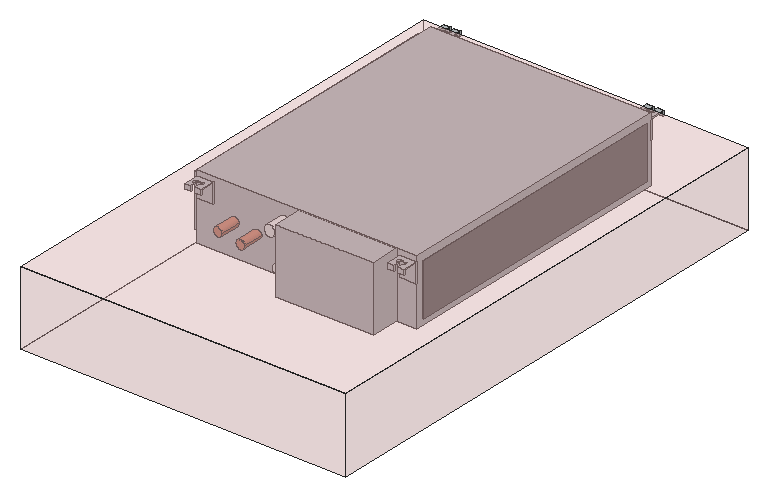
Revit family "PEFY-WP32VMS1-E_Service_Area2", category Mechanical Equipment, host Ceiling, Revit 2012
Parameters (values of type "PEFY-WP32VMS1-E_240V_60Hz")
  Description = "Ceiling concealed"
  Manufacturer = "Mitsubishi Electric Corporation"
  Model = "PEFY-WP32VMS1-E"
  Width = 990 mm
  Water Pipe_radius (To HBC Unit) = 13.2 mm
  Water Pipe_radius (From HBC Unit) = 13.2 mm
  WarrantyStart = ""
  Voltage = 240 V
  Unit Weight (kg) = 25
  URL = "http://www.mitsubishielectric.com/"
  TagNumber = 0
  Subcategory = "HVAC"
  Space View = yes
  Sound Pressure Level_Mid (dB(A)) = 30
  Sound Pressure Level_Low (dB(A)) = 28
  Sound Pressure Level_High (dB(A)) = 33
  SerialNumber = 0
  ReplacementYear = ""
  Protection Device = "Fuse"
  Phase = 1
  Maximum Circuit Ampacity (A) = 0.82
  InstallationDate = ""
  Hertz = 60 Hz
  Height = 200 mm
  Heating Power Input (kW) = 0.051
  Heating Current (A) = 0.5
  Heating Capacity (kW) = 4
  Fan_Type = "Sirocco fan"
  Fan_Quantity = 3
  Fan Motor Output (kW) = 0.096
  External_static_pressure (Pa) = "5-15-35-50"
  External Finish = "Galvanized steel plate"
  Equip_description = ""
  Equip_No. = 0
  Equip_ID = ""
  Drain pipe2_radius = 16 mm
  Drain pipe1_radius = 16 mm
  Description = ""
  Depth = 700 mm
  CreatedOn = ""
  CreatedBy = ""
  Cooling Power Input (kW) = 0.071
  Cooling Current (A) = 0.61
  Cooling Capacity (kW) = 3.6
  Category = ""
  Barcode = ""
  AssetIdentifier = ""
  Airflow Rate_Mid (m3/min) = 9
  Airflow Rate_Mid (m3/h) = 540
  Airflow Rate_Low (m3/min) = 8
  Airflow Rate_Low (m3/h) = 480
  Airflow Rate_High (m3/min) = 11
  Airflow Rate_High (m3/h) = 660
Types (6, lengths in mm): name | Voltage | Maximum Circuit Ampacity (A) | Hertz
  PEFY-WP32VMS1-E_220V_50Hz | 220 V | 0.83 | 50 Hz
  PEFY-WP32VMS1-E_220V_60Hz | 220 V | 0.82 | 60 Hz
  PEFY-WP32VMS1-E_230V_50Hz | 230 V | 0.83 | 50 Hz
  PEFY-WP32VMS1-E_230V_60Hz | 230 V | 0.82 | 60 Hz
  PEFY-WP32VMS1-E_240V_50Hz | 240 V | 0.83 | 50 Hz
  PEFY-WP32VMS1-E_240V_60Hz | 240 V | 0.82 | 60 Hz
Reference planes
  plane 1 "Center (Front/Back)": y = 0
  plane 2: z = 0
  plane 3 "Center (Left/Right)": x = 0
  plane 4 "Ceiling": z = 4030
  plane 5: z = 4050
  plane 6: z = 4250
  plane 7: y = -450
  plane 8: y = 350
  plane 9: y = 450
  plane 10: z = 4235
  plane 11: x = 325
  plane 12: x = 350
  plane 13: x = -300
  plane 14: x = -350
  plane 15: z = 4230
  plane 16: x = -57
  plane 17: z = 4202
  plane 18: z = 4080
  plane 19: x = -211
  plane 20: x = -141
  plane 21: z = 4148
  plane 22: z = 4138
  plane 23: y = 450
  plane 24: y = -450
  plane 25: y = -500
  plane 26: y = -540
Forms (mm)
  Extrusion 1, solid, material "Plated steel"
    sketch origin (88.259, -237.375, 3750) x (1, 0, 0) y (0, 1, 0)
      loop
        line (-415.259, 687.375) -> (-415.259, -212.625) -> (261.741, -212.625) -> (261.741, 687.375) -> (-415.259, 687.375)
    from 300 to 500
  Extrusion 2, solid, material "Service space", visible <- "Space View"
    sketch origin (-2000, 6000, 4050) x (0, 1, 0) y (1, 0, 0)
      loop
        line (-7100, 1650) -> (-5550, 1650) -> (-5550, 2650) -> (-7100, 2650) -> (-7100, 1650)
    from 20 to -210
  Extrusion 3, solid
    sketch origin (0, 100, 0) x (0, 1, 0) y (0, 0, 1)
      loop
        line (-530, 4230) -> (-530, 4071) -> (330, 4071) -> (330, 4230) -> (-530, 4230)
    from 350 to 355
  Extrusion 4, solid
    sketch origin (-350, 100, 4250) x (0, 0, 1) y (0, -1, 0)
      loop
        line (-20, 530) -> (-179, 530) -> (-179, -330) -> (-20, -330) -> (-20, 530)
    from 0 to 23
  Extrusion 5, solid
    sketch origin (794.259, -450, 3750) x (-1, 0, 0) y (0, 0, -1)
      loop
        circle (851.259, -452) r 16
    from 0 to 57
  Extrusion 6, solid
    sketch origin (794.259, -450, 3750) x (-1, 0, 0) y (0, 0, -1)
      loop
        circle (851.259, -330) r 16
    from 0 to 25
  Extrusion 7, solid
    sketch origin (794.259, -450, 3750) x (-1, 0, 0) y (0, 0, -1)
      loop
        line (505.751, -500) -> (805.751, -500) -> (805.751, -300) -> (505.751, -300) -> (505.751, -500)
    from 0 to 90
  Extrusion 8, solid
    sketch origin (794.259, -450, 3750) x (-1, 0, 0) y (0, 0, -1)
      loop
        circle (1005.259, -398) r 13.2
      loop
        circle (935.259, -388) r 13.2
    from 0 to 64
Lines and regions (mm)
  model lines, visible <- "Space View"
    curve 1: line (-400, 500, 4030) -> (377, 500, 4030)
    curve 2: line (-400, -500, 4030) -> (-400, 500, 4030)
    curve 3: line (377, -500, 4030) -> (-400, -500, 4030)
    curve 4: line (377, 500, 4030) -> (377, -500, 4030)
    curve 5: line (125, -650, 4030) -> (575, -650, 4030)
    curve 6: line (125, -1100, 4030) -> (125, -650, 4030)
    curve 7: line (575, -1100, 4030) -> (125, -1100, 4030)
    curve 8: line (575, -650, 4030) -> (575, -1100, 4030)
Dimensions and locks
  equal spacing: host sketch curve, plane 3 "Center (Left/Right)", host sketch curve
  equal spacing: host sketch curve, plane 1 "Center (Front/Back)", host sketch curve
  host sketch curve to host sketch curve = 4000 mm  (x2)
  locked: plane 4 "Ceiling" to host ceiling at 0
  Extrusion 1 to Extrusion 1 = 900 mm
  Extrusion 1 to plane 1 "Center (Front/Back)" = 450 mm
  plane 5 to Extrusion 1 = 200 mm
  plane 6 to plane 5 = 200 mm
  plane 4 "Ceiling" to plane 5 = 20 mm
  Extrusion 1 to Extrusion 1 = 677 mm
  plane 7 to plane 9 = 900 mm
  locked: plane 10 to plane 6 at 15
  locked: plane 15 to plane 6 at 20
  locked: Extrusion 3 to plane 15 at 159
  locked: Extrusion 4 to plane 15 at 159
  plane 6 to plane 17 to plane 18 = 48 mm locked, 122 mm locked
  locked: Extrusion 7 to Extrusion 7 at 200
  plane 6 to plane 21 to plane 22 = 102 mm locked, 10 mm locked
  plane 14 to curve 4 = 727 mm
  aligned and locked: plane 5 to Extrusion 1
  aligned and locked: Extrusion 1 to plane 6
  aligned and locked: plane 7 to Extrusion 1
  aligned and locked: plane 9 to Extrusion 1
  aligned and locked: nested 1 to Extrusion 1
  aligned and locked: nested 1 to plane 13
  aligned and locked: nested 1 to plane 10
  aligned and locked: nested 2 to plane 10
  aligned and locked: plane 10 to nested 4
  aligned and locked: plane 10 to nested 3
  aligned and locked: nested 4 to plane 9
  aligned and locked: nested 3 to plane 9
  aligned and locked: Extrusion 3 to plane 15
  aligned and locked: Extrusion 4 to plane 15
  aligned and locked: plane 7 to nested 2
  aligned and locked: plane 17 to Extrusion 5
  aligned and locked: plane 18 to Extrusion 6
  aligned and locked: Extrusion 7 to plane 6
  aligned and locked: plane 21 to Extrusion 8
  aligned and locked: plane 22 to Extrusion 8
Nested families
  nested 1: "LEG" at (-300, -476, 4235), type "LEG_28"
  nested 2: "LEG" at (325, -476, 4235), type "LEG_28"
  nested 3: "LEG" at (-300, 476, 4235), type "LEG_28"
  nested 4: "LEG" at (325, 476, 4235), type "LEG_28"
Connectors
  piping at (-57, -507, 4202), driven by "Drain pipe1_radius"
    settings: on Extrusion 5, index 1, connector radius 16 mm, flow factor 0, pipe flow 0.0 L/s, pressure drop 0.0 Pa, fitting loss kfactor 0, connector angle 0.00°, fixture units 0, engagement length 0 mm, flow configuration 0, flow direction 2, fitting loss method 0, system type 22, joint type 0, gender type 0, connector reference index -1, connector utility 0, adjustable connector no, is connector primary yes, fitting loss table "", connector description "Drain pipe"
  piping at (-57, -475, 4080), driven by "Drain pipe2_radius"
    settings: on Extrusion 6, index 2, connector radius 16 mm, flow factor 0, pipe flow 0.0 L/s, pressure drop 0.0 Pa, fitting loss kfactor 0, connector angle 0.00°, fixture units 0, engagement length 0 mm, flow configuration 0, flow direction 2, fitting loss method 0, system type 22, joint type 0, gender type 0, connector reference index -1, connector utility 0, adjustable connector no, is connector primary no, fitting loss table "", connector description "Drain pipe"
  piping at (-141, -514, 4138)
    settings: on Extrusion 8, index 3, connector radius 13.2 mm, flow factor 0, pipe flow 0.0 L/s, pressure drop 0.0 Pa, fitting loss kfactor 0, connector angle 0.00°, fixture units 0, engagement length 0 mm, flow configuration 0, flow direction 1, fitting loss method 0, system type 22, joint type 0, gender type 0, connector reference index -1, connector utility 0, adjustable connector no, is connector primary no, fitting loss table "", connector description "Water pipe(From HBC unit)"
  piping at (-211, -514, 4148)
    settings: on Extrusion 8, index 4, connector radius 13.2 mm, flow factor 0, pipe flow 0.0 L/s, pressure drop 0.0 Pa, fitting loss kfactor 0, connector angle 0.00°, fixture units 0, engagement length 0 mm, flow configuration 0, flow direction 2, fitting loss method 0, system type 22, joint type 0, gender type 0, connector reference index -1, connector utility 0, adjustable connector no, is connector primary no, fitting loss table "", connector description "Water pipe(To HBC unit)"
  hvac at (355, 0, 4150.5)
    settings: on Extrusion 3, index 5, duct flow 0.0 L/s, flow factor 0, pres drop 0.0 Pa, loss coef 0, conn angle 0.00°, conn width 860 mm, conn height 160 mm, conn radius 304.8 mm, duct sys type 1, conn prof type 1, flow config 0, flow direction 1, loss method 0, conn ref index -1, conn util no, is conn primary yes, conn desc "Air inlet"
  hvac at (-350, 0, 4150.5)
    settings: on Extrusion 4, index 6, duct flow 0.0 L/s, flow factor 0, pres drop 0.0 Pa, loss coef 0, conn angle 0.00°, conn width 860 mm, conn height 150 mm, conn radius 304.8 mm, duct sys type 3, conn prof type 1, flow config 0, flow direction 2, loss method 0, conn ref index -1, conn util no, is conn primary no, conn desc "Air outlet"
  electrical at (288.508, -495, 4150), driven by "Phase", driven by "Voltage"
    settings: on Extrusion 7, index 7, voltage 240 V, apparent load 0 VA, apparent load phase1 0 VA, apparent load phase2 0 VA, apparent load phase3 0 VA, power factor 1, load classification "Other", number of poles 1, system type 30, power factor state 1, is connector primary yes, connector utility no, sub classification motor no, connector description ""
Definition of nested family "LEG"
  Parameters (values of type "LEG_28")
    product distance = 28 mm
  Reference planes
    plane 1 "中心(正面/背面)": y = 0
    plane 2: z = 0
    plane 3 "中心(左/右)": x = 0
    plane 4: x = -25
    plane 5: x = 25
    plane 6: y = -23
    plane 7: y = 28
    plane 8: x = -8
    plane 9: x = 8
    plane 10: x = -6
    plane 11: x = 6
  Forms (mm)
    Extrusion 1, solid, material "Plated steel"
      sketch origin (0, 0, 0) x (1, 0, 0) y (0, 1, 0)
        loop
          line (-25, 26) -> (-25, -23) -> (25, -23) -> (25, 26) -> (-25, 26)
      from 0 to -60
    Extrusion 2, void
      sketch origin (0, 0, 0) x (0, 1, 0) y (0, 0, 1)
        loop
          line (-20.7, -2.3) -> (-20.7, -15) -> (-23, -15) -> (-23, -60) -> (24, -60) -> (24, -2.3) -> (-20.7, -2.3)
      from -25 to 25
    Extrusion 3, void
      sketch origin (0, 0, 0) x (1, 0, 0) y (0, 1, 0)
        loop
          arc (-8, 7) -> (-15, 0) -> (-8, -7) r 7
          line (-8, -7) -> (-6, -7) -> (-6, -23) -> (6, -23) -> (6, -7) -> (8, -7)
          arc (8, -7) -> (15, 0) -> (8, 7) r 7
          line (8, 7) -> (-8, 7)
      from 0 to -60
  Cuts and joins
    Extrusion 2, Extrusion 3 cuts Extrusion 1
  Dimensions and locks
    locked: Extrusion 1 sketch curve to Extrusion 1 sketch curve at 50
    equal spacing: Extrusion 1 sketch curve, plane 3 "中心(左/右)", Extrusion 1 sketch curve
    locked: plane 6 to plane 1 "中心(正面/背面)" at 23
    "product distance": plane 1 "中心(正面/背面)" to plane 7
    plane 7 to Extrusion 2 sketch curve = 4 mm
    locked: cut or joined group of Extrusion 1, Extrusion 2, Extrusion 3 to cut or joined group of Extrusion 1, Extrusion 2, Extrusion 3 at 2.3  (x2)
    aligned and locked: level to plane 2
    aligned and locked: Extrusion 2 to Extrusion 1
    aligned and locked: Extrusion 1 to Extrusion 2
    aligned and locked: Extrusion 2 sketch curve to cut or joined group of Extrusion 1, Extrusion 2, Extrusion 3  (x2)
    aligned and locked: cut or joined group of Extrusion 1, Extrusion 2, Extrusion 3 to Extrusion 3 sketch curve
    aligned and locked: plane 6 to Extrusion 1 sketch curve
  Automatic sketch dimensions
    Extrusion 2 sketch curve to plane 6 = 2.3 mm
    Extrusion 2 sketch curve to level = 15 mm
    Extrusion 2 sketch curve to level = 2.3 mm
    plane 1 "中心(正面/背面)" to Extrusion 3 sketch curve = 0 mm  (x2)
    Extrusion 3 sketch curve to plane 8 = 0 mm
    Extrusion 3 sketch curve to plane 10 = 0 mm
    Extrusion 3 sketch curve to plane 11 = 0 mm
    Extrusion 3 sketch curve to plane 9 = 0 mm  (x2)
    plane 1 "中心(正面/背面)" to Extrusion 3 sketch curve = 7 mm
    plane 7 to Extrusion 1 sketch curve = 2 mm
